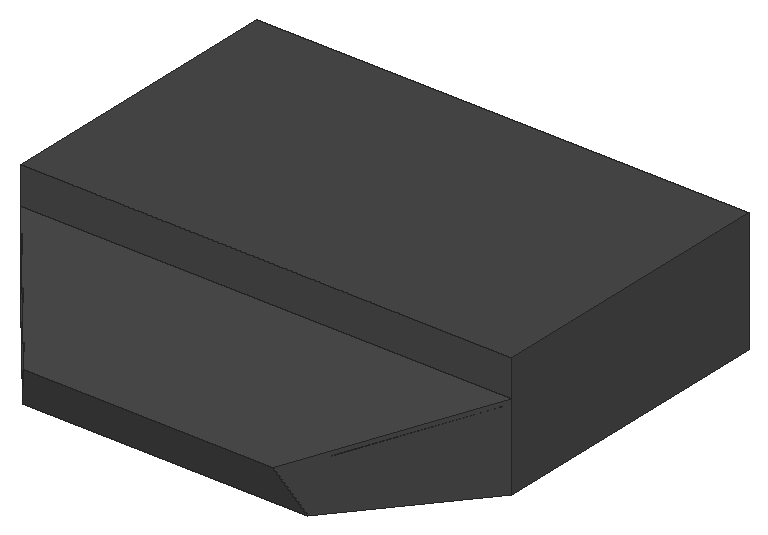
Revit family "Qf_Summit_HSHELL20BK_20 inches Shell Hood", category Specialty Equipment, Revit 2020
Family settings
  Round Connector Dimension = Use Diameter
  Part Type = Normal
  Work Plane-Based = No
  Always vertical = Yes
  Cut with Voids When Loaded = No
  Shared = No
  Room Calculation Point = No
Parameters
  Weight in Pounds = 10
  URL Cutsheet = ""
  Specification by User = ""
  Specification by Manufacturer = ""
  Serial Number = ""
  Seismic Rating = ""
  SMACNA No = ""
  Revision Code = ""
  NAFEM Spec ID Number = ""
  Model = "HSHELL20BK"
  Masterspec = ""
  Manufacturer = "Summit"
  Length = 20"
  Item Number = ""
  Installed By = ""
  Identify Quantity as Lot = yes
  Height = 5"
  Furnished By = ""
  Foodservice Equipment Identifier = yes
  Description = "20\" Shell Hood"
  Depth = 18"
  Default Elevation = 0"
  CSI MasterFormat = ""
Reference planes (in)
  plane 1 "BACK": y = 0
  plane 2: z = 0
  plane 3 "LEFT": x = 0
  plane 4 "RIGHT": x = 20
  plane 5 "FRONT": y = -18
  plane 6 "TOP": z = 5
  plane 7 "Center Y": x = 10
  plane 8 "Center X": y = -9
  plane 9: z = 3.5
  plane 10: y = -12
  plane 11: z = 1.875
  plane 12: x = 4.9375
  plane 13: x = 15.0625
Forms (in)
  Extrusion 1, solid, material "QF_Plastic_Epoxy_Black"
    sketch origin (0, 0, 0) x (1, 0, 0) y (0, 1, 0)
      loop
        line (0, 0) -> (0, -12) -> (20, -12) -> (20, 0) -> (0, 0)
    from 0 to 5
  Extrusion 2, solid, material "QF_Plastic_Epoxy_Black"
    sketch origin (20, 0, 0) x (0, 1, 0) y (0, 0, 1)
      loop
        line (-18, 1.875) -> (-17.12567, 0) -> (-12, 0) -> (-12, 3.5) -> (-18, 1.875)
    from -20 to 0
  Extrusion 3, void
    sketch origin (0, 0, 0) x (1, 0, 0) y (0, 1, 0)
      loop
        line (0, -12) -> (-0.1875, -12) -> (-0.1875, -18.25) -> (4.9375, -18.25) -> (4.9375, -18) -> (0, -12)
      loop
        line (20, -12) -> (15.0625, -18) -> (15.0625, -18.25) -> (20.1875, -18.25) -> (20.1875, -12) -> (20, -12)
    from 0 to 3.5
  Blend 4, void
    base sketch origin (0, -2, 0) x (0, -1, 0) y (0, 0, -1)
      loop
        line (9.75, -4.75) -> (9.75, -0.25) -> (-1.75, -0.25) -> (-1.75, -4.75) -> (9.75, -4.75)
    top sketch origin (0, -2, 0) x (0, -1, 0) y (0, 0, -1)
      loop
        line (9.625, -4.625) -> (9.625, -0.375) -> (-1.625, -0.375) -> (-1.625, -4.625) -> (9.625, -4.625)
    from 0 to 0.08017
  Blend 5, void
    base sketch origin (19.875, -2, 0) x (0, -1, 0) y (0, 0, 1)
      loop
        line (9.75, 4.75) -> (-1.75, 4.75) -> (-1.75, 0.25) -> (9.75, 0.25) -> (9.75, 4.75)
    top sketch origin (19.875, -2, 0) x (0, -1, 0) y (0, 0, 1)
      loop
        line (9.625, 4.625) -> (-1.625, 4.625) -> (-1.625, 0.375) -> (9.625, 0.375) -> (9.625, 4.625)
    from 0 to 0.08017
  Blend 6, void
    base sketch origin (0, -12, 0) x (-0.635425, 0.772162, 0) y (0, 0, 1)
      loop
        line (-7.37414, 1.70246) -> (-6.497, 0.25) -> (-0.25, 0.25) -> (-0.25, 3.19231) -> (-7.37414, 1.70246)
    top sketch origin (0, -12, 0) x (-0.635425, 0.772162, 0) y (0, 0, 1)
      loop
        line (-7.28514, 1.65857) -> (-6.47224, 0.3125) -> (-0.3125, 0.3125) -> (-0.3125, 3.11674) -> (-7.28514, 1.65857)
    from 0 to 0.08636
  Blend 7, void
    base sketch origin (19.875, -12, 0) x (0.635425, 0.772162, 0) y (0, 0, -1)
      loop
        line (-7.37414, -1.70246) -> (-0.25, -3.19231) -> (-0.25, -0.25) -> (-6.497, -0.25) -> (-7.37414, -1.70246)
    top sketch origin (19.875, -12, 0) x (0.635425, 0.772162, 0) y (0, 0, -1)
      loop
        line (-7.28514, -1.65857) -> (-0.3125, -3.11674) -> (-0.3125, -0.3125) -> (-6.47224, -0.3125) -> (-7.28514, -1.65857)
    from 0 to 0.08636
Cuts and joins
  Extrusion 3, Blend 6, Blend 7 cuts Extrusion 2
  Blend 4, Blend 5, Blend 6 cuts Extrusion 1
Lines and regions (in)
  symbolic lines
    curve 1: line (0, 0, 0) -> (0, -12, 0)
    curve 2: line (0, -12, 0) -> (20, -12, 0)
    curve 3: line (20, -12, 0) -> (20, 0, 0)
    curve 4: line (20, 0, 0) -> (0, 0, 0)
    curve 5: line (0, -12, 0) -> (4.9375, -18, 0)
    curve 6: line (4.9375, -18, 0) -> (15.0625, -18, 0)
    curve 7: line (15.0625, -18, 0) -> (20, -12, 0)
Dimensions and locks (in)
  equal spacing: plane 3 "LEFT", plane 7 "Center Y", plane 4 "RIGHT"
  "Length": plane 3 "LEFT" to plane 4 "RIGHT"
  equal spacing: plane 5 "FRONT", plane 8 "Center X", plane 1 "BACK"
  "Depth": plane 5 "FRONT" to plane 1 "BACK"
  "Height": plane 6 "TOP" to level
  plane 9 to level = 3 1/2"
  plane 10 to plane 1 "BACK" = 12"
  plane 5 "FRONT" to plane 1 "BACK" = 18"
  locked: plane 4 "RIGHT" to plane 13 at 4.9375
  plane 4 "RIGHT" to plane 3 "LEFT" = 20"
  aligned and locked: level to plane 2
  aligned and locked: plane 6 "TOP" to Extrusion 1
  aligned and locked: Extrusion 2 to plane 3 "LEFT"
  aligned and locked: plane 9 to Extrusion 3
  aligned and locked: cut or joined group of Extrusion 2, Extrusion 3, Blend 6, Blend 7 to plane 4 "RIGHT"
Automatic sketch dimensions
  Extrusion 1 sketch curve to plane 3 "LEFT" = 0"
  Extrusion 1 sketch curve to plane 4 "RIGHT" = 0"
  plane 10 to Extrusion 1 sketch curve = 0"
  plane 1 "BACK" to Extrusion 1 sketch curve = 0"
  Extrusion 2 sketch curve to plane 5 "FRONT" = 0"
  Extrusion 2 sketch curve to level = 0"
  Extrusion 2 sketch curve to plane 10 = 0"
  plane 11 to Extrusion 2 sketch curve = 0"
  Extrusion 2 sketch curve to plane 9 = 0"
  Extrusion 2 sketch curve to plane 5 "FRONT" = 0.87433"
  plane 10 to Extrusion 3 sketch curve = 0"  (x2)
  Extrusion 3 sketch curve to plane 3 "LEFT" = 0"
  Extrusion 3 sketch curve to plane 12 = 0"
  Extrusion 3 sketch curve to plane 13 = 0"
  Extrusion 3 sketch curve to plane 4 "RIGHT" = 0"
  plane 5 "FRONT" to Extrusion 3 sketch curve = 0"  (x2)
  Extrusion 3 sketch curve to plane 3 "LEFT" = 3/16"
  Extrusion 3 sketch curve to plane 4 "RIGHT" = 3/16"
  plane 5 "FRONT" to Extrusion 3 sketch curve = 1/4"  (x2)
  Blend 4 sketch curve to Extrusion 1 = 1/4"  (x3)
  Extrusion 1 to Blend 4 sketch curve = 1/4"
  Blend 4 sketch curve to Extrusion 1 = 3/8"  (x3)
  Extrusion 1 to Blend 4 sketch curve = 3/8"
  plane 1 "BACK" to Blend 5 sketch curve = 1/4"
  Blend 5 sketch curve to plane 10 = 1/4"
  level to Blend 5 sketch curve = 1/4"
  Blend 5 sketch curve to plane 6 "TOP" = 1/4"
  plane 1 "BACK" to Blend 5 sketch curve = 3/8"
  Blend 5 sketch curve to plane 10 = 3/8"
  level to Blend 5 sketch curve = 3/8"
  Blend 5 sketch curve to plane 6 "TOP" = 3/8"
  Extrusion 3 to Blend 6 sketch curve = 0.39625"
  Blend 6 sketch curve to Extrusion 3 = 1/4"
  Extrusion 3 to Blend 6 sketch curve = 1.27339"
  Extrusion 3 to Blend 6 sketch curve = 1/4"
  Blend 6 sketch curve to Blend 6 sketch curve = 1.45246"
  Blend 6 sketch curve to Extrusion 3 = 0.30769"
  Extrusion 3 to Blend 6 sketch curve = 0.48525"
  Blend 6 sketch curve to Extrusion 3 = 5/16"
  Extrusion 3 to Blend 6 sketch curve = 1.29814"
  Extrusion 3 to Blend 6 sketch curve = 5/16"
  Blend 6 sketch curve to Blend 6 sketch curve = 1.34607"
  Blend 6 sketch curve to Extrusion 3 = 0.38326"
  plane 11 to Blend 7 sketch curve = 0.17254"
  level to Blend 7 sketch curve = 1/4"
  Blend 7 sketch curve to Blend 7 sketch curve = 0.87714"
  Blend 7 sketch curve to Blend 7 sketch curve = 6.247"
  Blend 7 sketch curve to plane 9 = 0.30769"
  plane 11 to Blend 7 sketch curve = 0.21643"
  level to Blend 7 sketch curve = 5/16"
  Blend 7 sketch curve to Blend 7 sketch curve = 0.81289"
  Blend 7 sketch curve to Blend 7 sketch curve = 6.15974"
  Blend 7 sketch curve to plane 9 = 0.38326"
  curve 1 to plane 3 "LEFT" = 0"
  plane 1 "BACK" to curve 3 = 0"
  curve 3 to plane 4 "RIGHT" = 0"
  plane 10 to curve 1 = 0"
  plane 5 "FRONT" to curve 6 = 0"
  curve 6 to plane 12 = 0"
  curve 6 to plane 13 = 0"
